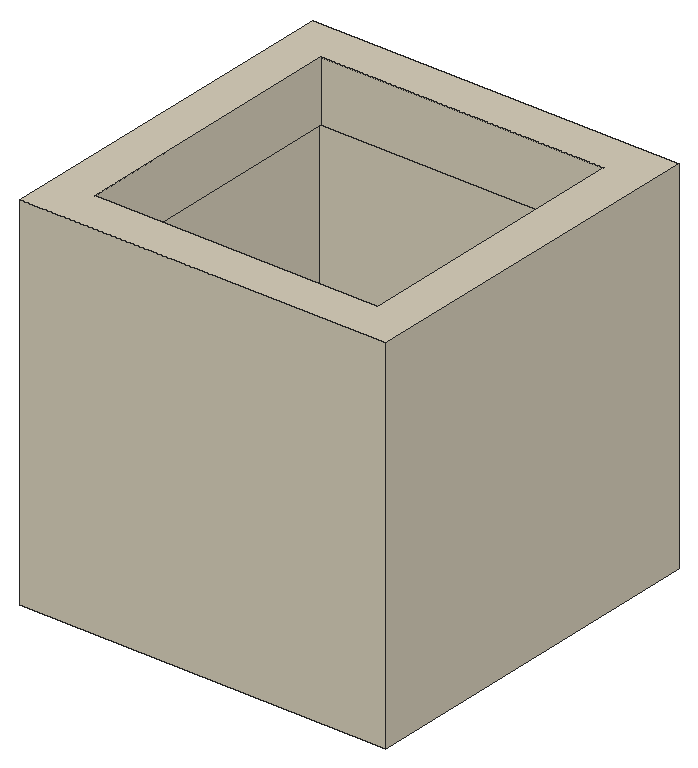
Revit family "Specialty_Equipment-Fiberstone_Planter-Planters_Unlimited-Draper-Rectangular & Square-rev", category Specialty Equipment, Revit 2023 (continued)
Types (596): name | Type Comments | Description | CD_Width | CD_Specification | CD_Product Page URL | CD_Length | CD_Height | CD_Divider Visibility
  60"L x 18"W x 18"H | "Rectangular Planter" | "Draper Rectangular Planter" | 18.0" | "https://www.plantersunlimited.com/content/2024-07-10-fg-pu-guide-specifications.pdf" | "https://www.plantersunlimited.com/modern-fiberglass-round-planter/" | 60.0" | 18.0" | yes
  60"L x 18"W x 24"H | "Rectangular Planter" | "Draper Rectangular Planter" | 18.0" | "https://www.plantersunlimited.com/content/2024-07-10-fg-pu-guide-specifications.pdf" | "https://www.plantersunlimited.com/modern-fiberglass-round-planter/" | 60.0" | 24.0" | yes
  60"L x 18"W x 30"H | "Rectangular Planter" | "Draper Rectangular Planter" | 18.0" | "https://www.plantersunlimited.com/content/2024-07-10-fg-pu-guide-specifications.pdf" | "https://www.plantersunlimited.com/modern-fiberglass-round-planter/" | 60.0" | 30.0" | yes
  60"L x 18"W x 36"H | "Rectangular Planter" | "Draper Rectangular Planter" | 18.0" | "https://www.plantersunlimited.com/content/2024-07-10-fg-pu-guide-specifications.pdf" | "https://www.plantersunlimited.com/modern-fiberglass-round-planter/" | 60.0" | 36.0" | yes
  60"L x 18"W x 42"H | "Rectangular Planter" | "Draper Rectangular Planter" | 18.0" | "https://www.plantersunlimited.com/content/2024-07-10-fg-pu-guide-specifications.pdf" | "https://www.plantersunlimited.com/modern-fiberglass-round-planter/" | 60.0" | 42.0" | yes
  60"L x 18"W x 48"H | "Rectangular Planter" | "Draper Rectangular Planter" | 18.0" | "https://www.plantersunlimited.com/content/2024-07-10-fg-pu-guide-specifications.pdf" | "https://www.plantersunlimited.com/modern-fiberglass-round-planter/" | 60.0" | 48.0" | yes
  60"L x 24"W x 18"H | "Rectangular Planter" | "Draper Rectangular Planter" | 24.0" | "https://www.plantersunlimited.com/content/2024-07-10-fg-pu-guide-specifications.pdf" | "https://www.plantersunlimited.com/modern-fiberglass-round-planter/" | 60.0" | 18.0" | yes
  60"L x 24"W x 24"H | "Rectangular Planter" | "Draper Rectangular Planter" | 24.0" | "https://www.plantersunlimited.com/content/2024-07-10-fg-pu-guide-specifications.pdf" | "https://www.plantersunlimited.com/modern-fiberglass-round-planter/" | 60.0" | 24.0" | yes
  60"L x 24"W x 30"H | "Rectangular Planter" | "Draper Rectangular Planter" | 24.0" | "https://www.plantersunlimited.com/content/2024-07-10-fg-pu-guide-specifications.pdf" | "https://www.plantersunlimited.com/modern-fiberglass-round-planter/" | 60.0" | 30.0" | yes
  60"L x 24"W x 36"H | "Rectangular Planter" | "Draper Rectangular Planter" | 24.0" | "https://www.plantersunlimited.com/content/2024-07-10-fg-pu-guide-specifications.pdf" | "https://www.plantersunlimited.com/modern-fiberglass-round-planter/" | 60.0" | 36.0" | yes
  60"L x 24"W x 42"H | "Rectangular Planter" | "Draper Rectangular Planter" | 24.0" | "https://www.plantersunlimited.com/content/2024-07-10-fg-pu-guide-specifications.pdf" | "https://www.plantersunlimited.com/modern-fiberglass-round-planter/" | 60.0" | 42.0" | yes
  60"L x 24"W x 48"H | "Rectangular Planter" | "Draper Rectangular Planter" | 24.0" | "https://www.plantersunlimited.com/content/2024-07-10-fg-pu-guide-specifications.pdf" | "https://www.plantersunlimited.com/modern-fiberglass-round-planter/" | 60.0" | 48.0" | yes
  60"L x 30"W x 18"H | "Rectangular Planter" | "Draper Rectangular Planter" | 30.0" | "https://www.plantersunlimited.com/content/2024-07-10-fg-pu-guide-specifications.pdf" | "https://www.plantersunlimited.com/modern-fiberglass-round-planter/" | 60.0" | 18.0" | yes
  60"L x 30"W x 24"H | "Rectangular Planter" | "Draper Rectangular Planter" | 30.0" | "https://www.plantersunlimited.com/content/2024-07-10-fg-pu-guide-specifications.pdf" | "https://www.plantersunlimited.com/modern-fiberglass-round-planter/" | 60.0" | 24.0" | yes
  60"L x 30"W x 30"H | "Rectangular Planter" | "Draper Rectangular Planter" | 30.0" | "https://www.plantersunlimited.com/content/2024-07-10-fg-pu-guide-specifications.pdf" | "https://www.plantersunlimited.com/modern-fiberglass-round-planter/" | 60.0" | 30.0" | yes
  60"L x 30"W x 36"H | "Rectangular Planter" | "Draper Rectangular Planter" | 30.0" | "https://www.plantersunlimited.com/content/2024-07-10-fg-pu-guide-specifications.pdf" | "https://www.plantersunlimited.com/modern-fiberglass-round-planter/" | 60.0" | 36.0" | yes
  60"L x 30"W x 42"H | "Rectangular Planter" | "Draper Rectangular Planter" | 30.0" | "https://www.plantersunlimited.com/content/2024-07-10-fg-pu-guide-specifications.pdf" | "https://www.plantersunlimited.com/modern-fiberglass-round-planter/" | 60.0" | 42.0" | yes
  60"L x 30"W x 48"H | "Rectangular Planter" | "Draper Rectangular Planter" | 30.0" | "https://www.plantersunlimited.com/content/2024-07-10-fg-pu-guide-specifications.pdf" | "https://www.plantersunlimited.com/modern-fiberglass-round-planter/" | 60.0" | 48.0" | yes
  60"L x 36"W x 18"H | "Rectangular Planter" | "Draper Rectangular Planter" | 36.0" | "https://www.plantersunlimited.com/content/2024-07-10-fg-pu-guide-specifications.pdf" | "https://www.plantersunlimited.com/modern-fiberglass-round-planter/" | 60.0" | 18.0" | yes
  60"L x 36"W x 24"H | "Rectangular Planter" | "Draper Rectangular Planter" | 36.0" | "https://www.plantersunlimited.com/content/2024-07-10-fg-pu-guide-specifications.pdf" | "https://www.plantersunlimited.com/modern-fiberglass-round-planter/" | 60.0" | 24.0" | yes
  60"L x 36"W x 30"H | "Rectangular Planter" | "Draper Rectangular Planter" | 36.0" | "https://www.plantersunlimited.com/content/2024-07-10-fg-pu-guide-specifications.pdf" | "https://www.plantersunlimited.com/modern-fiberglass-round-planter/" | 60.0" | 30.0" | yes
  60"L x 36"W x 36"H | "Rectangular Planter" | "Draper Rectangular Planter" | 36.0" | "https://www.plantersunlimited.com/content/2024-07-10-fg-pu-guide-specifications.pdf" | "https://www.plantersunlimited.com/modern-fiberglass-round-planter/" | 60.0" | 36.0" | yes
  60"L x 36"W x 42"H | "Rectangular Planter" | "Draper Rectangular Planter" | 36.0" | "https://www.plantersunlimited.com/content/2024-07-10-fg-pu-guide-specifications.pdf" | "https://www.plantersunlimited.com/modern-fiberglass-round-planter/" | 60.0" | 42.0" | yes
  60"L x 36"W x 48"H | "Rectangular Planter" | "Draper Rectangular Planter" | 36.0" | "https://www.plantersunlimited.com/content/2024-07-10-fg-pu-guide-specifications.pdf" | "https://www.plantersunlimited.com/modern-fiberglass-round-planter/" | 60.0" | 48.0" | yes
  60"L x 42"W x 18"H | "Rectangular Planter" | "Draper Rectangular Planter" | 42.0" | "https://www.plantersunlimited.com/content/2024-07-10-fg-pu-guide-specifications.pdf" | "https://www.plantersunlimited.com/modern-fiberglass-round-planter/" | 60.0" | 18.0" | yes
  60"L x 42"W x 24"H | "Rectangular Planter" | "Draper Rectangular Planter" | 42.0" | "https://www.plantersunlimited.com/content/2024-07-10-fg-pu-guide-specifications.pdf" | "https://www.plantersunlimited.com/modern-fiberglass-round-planter/" | 60.0" | 24.0" | yes
  60"L x 42"W x 30"H | "Rectangular Planter" | "Draper Rectangular Planter" | 42.0" | "https://www.plantersunlimited.com/content/2024-07-10-fg-pu-guide-specifications.pdf" | "https://www.plantersunlimited.com/modern-fiberglass-round-planter/" | 60.0" | 30.0" | yes
  60"L x 42"W x 36"H | "Rectangular Planter" | "Draper Rectangular Planter" | 42.0" | "https://www.plantersunlimited.com/content/2024-07-10-fg-pu-guide-specifications.pdf" | "https://www.plantersunlimited.com/modern-fiberglass-round-planter/" | 60.0" | 36.0" | yes
  60"L x 42"W x 42"H | "Rectangular Planter" | "Draper Rectangular Planter" | 42.0" | "https://www.plantersunlimited.com/content/2024-07-10-fg-pu-guide-specifications.pdf" | "https://www.plantersunlimited.com/modern-fiberglass-round-planter/" | 60.0" | 42.0" | yes
  60"L x 42"W x 48"H | "Rectangular Planter" | "Draper Rectangular Planter" | 42.0" | "https://www.plantersunlimited.com/content/2024-07-10-fg-pu-guide-specifications.pdf" | "https://www.plantersunlimited.com/modern-fiberglass-round-planter/" | 60.0" | 48.0" | yes
  66"L x 12"W x 18"H | "Rectangular Planter" | "Draper Rectangular Planter" | 12.0" | "https://www.plantersunlimited.com/content/2024-07-10-fg-pu-guide-specifications.pdf" | "https://www.plantersunlimited.com/modern-fiberglass-round-planter/" | 66.0" | 18.0" | yes
  66"L x 12"W x 24"H | "Rectangular Planter" | "Draper Rectangular Planter" | 12.0" | "https://www.plantersunlimited.com/content/2024-07-10-fg-pu-guide-specifications.pdf" | "https://www.plantersunlimited.com/modern-fiberglass-round-planter/" | 66.0" | 24.0" | yes
  66"L x 12"W x 30"H | "Rectangular Planter" | "Draper Rectangular Planter" | 12.0" | "https://www.plantersunlimited.com/content/2024-07-10-fg-pu-guide-specifications.pdf" | "https://www.plantersunlimited.com/modern-fiberglass-round-planter/" | 66.0" | 30.0" | yes
  66"L x 12"W x 36"H | "Rectangular Planter" | "Draper Rectangular Planter" | 12.0" | "https://www.plantersunlimited.com/content/2024-07-10-fg-pu-guide-specifications.pdf" | "https://www.plantersunlimited.com/modern-fiberglass-round-planter/" | 66.0" | 36.0" | yes
  66"L x 15"W x 18"H | "Rectangular Planter" | "Draper Rectangular Planter" | 15.0" | "https://www.plantersunlimited.com/content/2024-07-10-fg-pu-guide-specifications.pdf" | "https://www.plantersunlimited.com/modern-fiberglass-round-planter/" | 66.0" | 18.0" | yes
  66"L x 15"W x 24"H | "Rectangular Planter" | "Draper Rectangular Planter" | 15.0" | "https://www.plantersunlimited.com/content/2024-07-10-fg-pu-guide-specifications.pdf" | "https://www.plantersunlimited.com/modern-fiberglass-round-planter/" | 66.0" | 24.0" | yes
  66"L x 15"W x 30"H | "Rectangular Planter" | "Draper Rectangular Planter" | 15.0" | "https://www.plantersunlimited.com/content/2024-07-10-fg-pu-guide-specifications.pdf" | "https://www.plantersunlimited.com/modern-fiberglass-round-planter/" | 66.0" | 30.0" | yes
  66"L x 15"W x 36"H | "Rectangular Planter" | "Draper Rectangular Planter" | 15.0" | "https://www.plantersunlimited.com/content/2024-07-10-fg-pu-guide-specifications.pdf" | "https://www.plantersunlimited.com/modern-fiberglass-round-planter/" | 66.0" | 36.0" | yes
  66"L x 15"W x 42"H | "Rectangular Planter" | "Draper Rectangular Planter" | 15.0" | "https://www.plantersunlimited.com/content/2024-07-10-fg-pu-guide-specifications.pdf" | "https://www.plantersunlimited.com/modern-fiberglass-round-planter/" | 66.0" | 42.0" | yes
  66"L x 15"W x 48"H | "Rectangular Planter" | "Draper Rectangular Planter" | 15.0" | "https://www.plantersunlimited.com/content/2024-07-10-fg-pu-guide-specifications.pdf" | "https://www.plantersunlimited.com/modern-fiberglass-round-planter/" | 66.0" | 48.0" | yes
  66"L x 18"W x 18"H | "Rectangular Planter" | "Draper Rectangular Planter" | 18.0" | "https://www.plantersunlimited.com/content/2024-07-10-fg-pu-guide-specifications.pdf" | "https://www.plantersunlimited.com/modern-fiberglass-round-planter/" | 66.0" | 18.0" | yes
  66"L x 18"W x 24"H | "Rectangular Planter" | "Draper Rectangular Planter" | 18.0" | "https://www.plantersunlimited.com/content/2024-07-10-fg-pu-guide-specifications.pdf" | "https://www.plantersunlimited.com/modern-fiberglass-round-planter/" | 66.0" | 24.0" | yes
  66"L x 18"W x 30"H | "Rectangular Planter" | "Draper Rectangular Planter" | 18.0" | "https://www.plantersunlimited.com/content/2024-07-10-fg-pu-guide-specifications.pdf" | "https://www.plantersunlimited.com/modern-fiberglass-round-planter/" | 66.0" | 30.0" | yes
  66"L x 18"W x 36"H | "Rectangular Planter" | "Draper Rectangular Planter" | 18.0" | "https://www.plantersunlimited.com/content/2024-07-10-fg-pu-guide-specifications.pdf" | "https://www.plantersunlimited.com/modern-fiberglass-round-planter/" | 66.0" | 36.0" | yes
  66"L x 18"W x 42"H | "Rectangular Planter" | "Draper Rectangular Planter" | 18.0" | "https://www.plantersunlimited.com/content/2024-07-10-fg-pu-guide-specifications.pdf" | "https://www.plantersunlimited.com/modern-fiberglass-round-planter/" | 66.0" | 42.0" | yes
  66"L x 18"W x 48"H | "Rectangular Planter" | "Draper Rectangular Planter" | 18.0" | "https://www.plantersunlimited.com/content/2024-07-10-fg-pu-guide-specifications.pdf" | "https://www.plantersunlimited.com/modern-fiberglass-round-planter/" | 66.0" | 48.0" | yes
  66"L x 24"W x 18"H | "Rectangular Planter" | "Draper Rectangular Planter" | 24.0" | "https://www.plantersunlimited.com/content/2024-07-10-fg-pu-guide-specifications.pdf" | "https://www.plantersunlimited.com/modern-fiberglass-round-planter/" | 66.0" | 18.0" | yes
  66"L x 24"W x 24"H | "Rectangular Planter" | "Draper Rectangular Planter" | 24.0" | "https://www.plantersunlimited.com/content/2024-07-10-fg-pu-guide-specifications.pdf" | "https://www.plantersunlimited.com/modern-fiberglass-round-planter/" | 66.0" | 24.0" | yes
  66"L x 24"W x 30"H | "Rectangular Planter" | "Draper Rectangular Planter" | 24.0" | "https://www.plantersunlimited.com/content/2024-07-10-fg-pu-guide-specifications.pdf" | "https://www.plantersunlimited.com/modern-fiberglass-round-planter/" | 66.0" | 30.0" | yes
  66"L x 24"W x 36"H | "Rectangular Planter" | "Draper Rectangular Planter" | 24.0" | "https://www.plantersunlimited.com/content/2024-07-10-fg-pu-guide-specifications.pdf" | "https://www.plantersunlimited.com/modern-fiberglass-round-planter/" | 66.0" | 36.0" | yes
  66"L x 24"W x 42"H | "Rectangular Planter" | "Draper Rectangular Planter" | 24.0" | "https://www.plantersunlimited.com/content/2024-07-10-fg-pu-guide-specifications.pdf" | "https://www.plantersunlimited.com/modern-fiberglass-round-planter/" | 66.0" | 42.0" | yes
  66"L x 24"W x 48"H | "Rectangular Planter" | "Draper Rectangular Planter" | 24.0" | "https://www.plantersunlimited.com/content/2024-07-10-fg-pu-guide-specifications.pdf" | "https://www.plantersunlimited.com/modern-fiberglass-round-planter/" | 66.0" | 48.0" | yes
  66"L x 30"W x 18"H | "Rectangular Planter" | "Draper Rectangular Planter" | 30.0" | "https://www.plantersunlimited.com/content/2024-07-10-fg-pu-guide-specifications.pdf" | "https://www.plantersunlimited.com/modern-fiberglass-round-planter/" | 66.0" | 18.0" | yes
  66"L x 30"W x 24"H | "Rectangular Planter" | "Draper Rectangular Planter" | 30.0" | "https://www.plantersunlimited.com/content/2024-07-10-fg-pu-guide-specifications.pdf" | "https://www.plantersunlimited.com/modern-fiberglass-round-planter/" | 66.0" | 24.0" | yes
  66"L x 30"W x 30"H | "Rectangular Planter" | "Draper Rectangular Planter" | 30.0" | "https://www.plantersunlimited.com/content/2024-07-10-fg-pu-guide-specifications.pdf" | "https://www.plantersunlimited.com/modern-fiberglass-round-planter/" | 66.0" | 30.0" | yes
  66"L x 30"W x 36"H | "Rectangular Planter" | "Draper Rectangular Planter" | 30.0" | "https://www.plantersunlimited.com/content/2024-07-10-fg-pu-guide-specifications.pdf" | "https://www.plantersunlimited.com/modern-fiberglass-round-planter/" | 66.0" | 36.0" | yes
  66"L x 30"W x 42"H | "Rectangular Planter" | "Draper Rectangular Planter" | 30.0" | "https://www.plantersunlimited.com/content/2024-07-10-fg-pu-guide-specifications.pdf" | "https://www.plantersunlimited.com/modern-fiberglass-round-planter/" | 66.0" | 42.0" | yes
  66"L x 30"W x 48"H | "Rectangular Planter" | "Draper Rectangular Planter" | 30.0" | "https://www.plantersunlimited.com/content/2024-07-10-fg-pu-guide-specifications.pdf" | "https://www.plantersunlimited.com/modern-fiberglass-round-planter/" | 66.0" | 48.0" | yes
  66"L x 36"W x 18"H | "Rectangular Planter" | "Draper Rectangular Planter" | 36.0" | "https://www.plantersunlimited.com/content/2024-07-10-fg-pu-guide-specifications.pdf" | "https://www.plantersunlimited.com/modern-fiberglass-round-planter/" | 66.0" | 18.0" | yes
  66"L x 36"W x 24"H | "Rectangular Planter" | "Draper Rectangular Planter" | 36.0" | "https://www.plantersunlimited.com/content/2024-07-10-fg-pu-guide-specifications.pdf" | "https://www.plantersunlimited.com/modern-fiberglass-round-planter/" | 66.0" | 24.0" | yes
  66"L x 36"W x 30"H | "Rectangular Planter" | "Draper Rectangular Planter" | 36.0" | "https://www.plantersunlimited.com/content/2024-07-10-fg-pu-guide-specifications.pdf" | "https://www.plantersunlimited.com/modern-fiberglass-round-planter/" | 66.0" | 30.0" | yes
  66"L x 36"W x 36"H | "Rectangular Planter" | "Draper Rectangular Planter" | 36.0" | "https://www.plantersunlimited.com/content/2024-07-10-fg-pu-guide-specifications.pdf" | "https://www.plantersunlimited.com/modern-fiberglass-round-planter/" | 66.0" | 36.0" | yes
  66"L x 36"W x 42"H | "Rectangular Planter" | "Draper Rectangular Planter" | 36.0" | "https://www.plantersunlimited.com/content/2024-07-10-fg-pu-guide-specifications.pdf" | "https://www.plantersunlimited.com/modern-fiberglass-round-planter/" | 66.0" | 42.0" | yes
  66"L x 36"W x 48"H | "Rectangular Planter" | "Draper Rectangular Planter" | 36.0" | "https://www.plantersunlimited.com/content/2024-07-10-fg-pu-guide-specifications.pdf" | "https://www.plantersunlimited.com/modern-fiberglass-round-planter/" | 66.0" | 48.0" | yes
  66"L x 42"W x 18"H | "Rectangular Planter" | "Draper Rectangular Planter" | 42.0" | "https://www.plantersunlimited.com/content/2024-07-10-fg-pu-guide-specifications.pdf" | "https://www.plantersunlimited.com/modern-fiberglass-round-planter/" | 66.0" | 18.0" | yes
  66"L x 42"W x 24"H | "Rectangular Planter" | "Draper Rectangular Planter" | 42.0" | "https://www.plantersunlimited.com/content/2024-07-10-fg-pu-guide-specifications.pdf" | "https://www.plantersunlimited.com/modern-fiberglass-round-planter/" | 66.0" | 24.0" | yes
  66"L x 42"W x 30"H | "Rectangular Planter" | "Draper Rectangular Planter" | 42.0" | "https://www.plantersunlimited.com/content/2024-07-10-fg-pu-guide-specifications.pdf" | "https://www.plantersunlimited.com/modern-fiberglass-round-planter/" | 66.0" | 30.0" | yes
  66"L x 42"W x 36"H | "Rectangular Planter" | "Draper Rectangular Planter" | 42.0" | "https://www.plantersunlimited.com/content/2024-07-10-fg-pu-guide-specifications.pdf" | "https://www.plantersunlimited.com/modern-fiberglass-round-planter/" | 66.0" | 36.0" | yes
  66"L x 42"W x 42"H | "Rectangular Planter" | "Draper Rectangular Planter" | 42.0" | "https://www.plantersunlimited.com/content/2024-07-10-fg-pu-guide-specifications.pdf" | "https://www.plantersunlimited.com/modern-fiberglass-round-planter/" | 66.0" | 42.0" | yes
  66"L x 42"W x 48"H | "Rectangular Planter" | "Draper Rectangular Planter" | 42.0" | "https://www.plantersunlimited.com/content/2024-07-10-fg-pu-guide-specifications.pdf" | "https://www.plantersunlimited.com/modern-fiberglass-round-planter/" | 66.0" | 48.0" | yes
  72"L x 12"W x 18"H | "Rectangular Planter" | "Draper Rectangular Planter" | 12.0" | "https://www.plantersunlimited.com/content/2024-07-10-fg-pu-guide-specifications.pdf" | "https://www.plantersunlimited.com/modern-fiberglass-round-planter/" | 72.0" | 18.0" | yes
  72"L x 12"W x 24"H | "Rectangular Planter" | "Draper Rectangular Planter" | 12.0" | "https://www.plantersunlimited.com/content/2024-07-10-fg-pu-guide-specifications.pdf" | "https://www.plantersunlimited.com/modern-fiberglass-round-planter/" | 72.0" | 24.0" | yes
  72"L x 12"W x 30"H | "Rectangular Planter" | "Draper Rectangular Planter" | 12.0" | "https://www.plantersunlimited.com/content/2024-07-10-fg-pu-guide-specifications.pdf" | "https://www.plantersunlimited.com/modern-fiberglass-round-planter/" | 72.0" | 30.0" | yes
  72"L x 12"W x 36"H | "Rectangular Planter" | "Draper Rectangular Planter" | 12.0" | "https://www.plantersunlimited.com/content/2024-07-10-fg-pu-guide-specifications.pdf" | "https://www.plantersunlimited.com/modern-fiberglass-round-planter/" | 72.0" | 36.0" | yes
  72"L x 15"W x 18"H | "Rectangular Planter" | "Draper Rectangular Planter" | 15.0" | "https://www.plantersunlimited.com/content/2024-07-10-fg-pu-guide-specifications.pdf" | "https://www.plantersunlimited.com/modern-fiberglass-round-planter/" | 72.0" | 18.0" | yes
  72"L x 15"W x 24"H | "Rectangular Planter" | "Draper Rectangular Planter" | 15.0" | "https://www.plantersunlimited.com/content/2024-07-10-fg-pu-guide-specifications.pdf" | "https://www.plantersunlimited.com/modern-fiberglass-round-planter/" | 72.0" | 24.0" | yes
  72"L x 15"W x 30"H | "Rectangular Planter" | "Draper Rectangular Planter" | 15.0" | "https://www.plantersunlimited.com/content/2024-07-10-fg-pu-guide-specifications.pdf" | "https://www.plantersunlimited.com/modern-fiberglass-round-planter/" | 72.0" | 30.0" | yes
  72"L x 15"W x 36"H | "Rectangular Planter" | "Draper Rectangular Planter" | 15.0" | "https://www.plantersunlimited.com/content/2024-07-10-fg-pu-guide-specifications.pdf" | "https://www.plantersunlimited.com/modern-fiberglass-round-planter/" | 72.0" | 36.0" | yes
  72"L x 15"W x 42"H | "Rectangular Planter" | "Draper Rectangular Planter" | 15.0" | "https://www.plantersunlimited.com/content/2024-07-10-fg-pu-guide-specifications.pdf" | "https://www.plantersunlimited.com/modern-fiberglass-round-planter/" | 72.0" | 42.0" | yes
  72"L x 15"W x 48"H | "Rectangular Planter" | "Draper Rectangular Planter" | 15.0" | "https://www.plantersunlimited.com/content/2024-07-10-fg-pu-guide-specifications.pdf" | "https://www.plantersunlimited.com/modern-fiberglass-round-planter/" | 72.0" | 48.0" | yes
  72"L x 18"W x 18"H | "Rectangular Planter" | "Draper Rectangular Planter" | 18.0" | "https://www.plantersunlimited.com/content/2024-07-10-fg-pu-guide-specifications.pdf" | "https://www.plantersunlimited.com/modern-fiberglass-round-planter/" | 72.0" | 18.0" | yes
  72"L x 18"W x 24"H | "Rectangular Planter" | "Draper Rectangular Planter" | 18.0" | "https://www.plantersunlimited.com/content/2024-07-10-fg-pu-guide-specifications.pdf" | "https://www.plantersunlimited.com/modern-fiberglass-round-planter/" | 72.0" | 24.0" | yes
  72"L x 18"W x 30"H | "Rectangular Planter" | "Draper Rectangular Planter" | 18.0" | "https://www.plantersunlimited.com/content/2024-07-10-fg-pu-guide-specifications.pdf" | "https://www.plantersunlimited.com/modern-fiberglass-round-planter/" | 72.0" | 30.0" | yes
  72"L x 18"W x 36"H | "Rectangular Planter" | "Draper Rectangular Planter" | 18.0" | "https://www.plantersunlimited.com/content/2024-07-10-fg-pu-guide-specifications.pdf" | "https://www.plantersunlimited.com/modern-fiberglass-round-planter/" | 72.0" | 36.0" | yes
  72"L x 18"W x 42"H | "Rectangular Planter" | "Draper Rectangular Planter" | 18.0" | "https://www.plantersunlimited.com/content/2024-07-10-fg-pu-guide-specifications.pdf" | "https://www.plantersunlimited.com/modern-fiberglass-round-planter/" | 72.0" | 42.0" | yes
  72"L x 18"W x 48"H | "Rectangular Planter" | "Draper Rectangular Planter" | 18.0" | "https://www.plantersunlimited.com/content/2024-07-10-fg-pu-guide-specifications.pdf" | "https://www.plantersunlimited.com/modern-fiberglass-round-planter/" | 72.0" | 48.0" | yes
  72"L x 24"W x 18"H | "Rectangular Planter" | "Draper Rectangular Planter" | 24.0" | "https://www.plantersunlimited.com/content/2024-07-10-fg-pu-guide-specifications.pdf" | "https://www.plantersunlimited.com/modern-fiberglass-round-planter/" | 72.0" | 18.0" | yes
  72"L x 24"W x 24"H | "Rectangular Planter" | "Draper Rectangular Planter" | 24.0" | "https://www.plantersunlimited.com/content/2024-07-10-fg-pu-guide-specifications.pdf" | "https://www.plantersunlimited.com/modern-fiberglass-round-planter/" | 72.0" | 24.0" | yes
  72"L x 24"W x 30"H | "Rectangular Planter" | "Draper Rectangular Planter" | 24.0" | "https://www.plantersunlimited.com/content/2024-07-10-fg-pu-guide-specifications.pdf" | "https://www.plantersunlimited.com/modern-fiberglass-round-planter/" | 72.0" | 30.0" | yes
  72"L x 24"W x 36"H | "Rectangular Planter" | "Draper Rectangular Planter" | 24.0" | "https://www.plantersunlimited.com/content/2024-07-10-fg-pu-guide-specifications.pdf" | "https://www.plantersunlimited.com/modern-fiberglass-round-planter/" | 72.0" | 36.0" | yes
  72"L x 24"W x 42"H | "Rectangular Planter" | "Draper Rectangular Planter" | 24.0" | "https://www.plantersunlimited.com/content/2024-07-10-fg-pu-guide-specifications.pdf" | "https://www.plantersunlimited.com/modern-fiberglass-round-planter/" | 72.0" | 42.0" | yes
  72"L x 24"W x 48"H | "Rectangular Planter" | "Draper Rectangular Planter" | 24.0" | "https://www.plantersunlimited.com/content/2024-07-10-fg-pu-guide-specifications.pdf" | "https://www.plantersunlimited.com/modern-fiberglass-round-planter/" | 72.0" | 48.0" | yes
  72"L x 30"W x 18"H | "Rectangular Planter" | "Draper Rectangular Planter" | 30.0" | "https://www.plantersunlimited.com/content/2024-07-10-fg-pu-guide-specifications.pdf" | "https://www.plantersunlimited.com/modern-fiberglass-round-planter/" | 72.0" | 18.0" | yes
  72"L x 30"W x 24"H | "Rectangular Planter" | "Draper Rectangular Planter" | 30.0" | "https://www.plantersunlimited.com/content/2024-07-10-fg-pu-guide-specifications.pdf" | "https://www.plantersunlimited.com/modern-fiberglass-round-planter/" | 72.0" | 24.0" | yes
  72"L x 30"W x 30"H | "Rectangular Planter" | "Draper Rectangular Planter" | 30.0" | "https://www.plantersunlimited.com/content/2024-07-10-fg-pu-guide-specifications.pdf" | "https://www.plantersunlimited.com/modern-fiberglass-round-planter/" | 72.0" | 30.0" | yes
  72"L x 30"W x 36"H | "Rectangular Planter" | "Draper Rectangular Planter" | 30.0" | "https://www.plantersunlimited.com/content/2024-07-10-fg-pu-guide-specifications.pdf" | "https://www.plantersunlimited.com/modern-fiberglass-round-planter/" | 72.0" | 36.0" | yes
  72"L x 30"W x 42"H | "Rectangular Planter" | "Draper Rectangular Planter" | 30.0" | "https://www.plantersunlimited.com/content/2024-07-10-fg-pu-guide-specifications.pdf" | "https://www.plantersunlimited.com/modern-fiberglass-round-planter/" | 72.0" | 42.0" | yes
  72"L x 30"W x 48"H | "Rectangular Planter" | "Draper Rectangular Planter" | 30.0" | "https://www.plantersunlimited.com/content/2024-07-10-fg-pu-guide-specifications.pdf" | "https://www.plantersunlimited.com/modern-fiberglass-round-planter/" | 72.0" | 48.0" | yes
  72"L x 36"W x 18"H | "Rectangular Planter" | "Draper Rectangular Planter" | 36.0" | "https://www.plantersunlimited.com/content/2024-07-10-fg-pu-guide-specifications.pdf" | "https://www.plantersunlimited.com/modern-fiberglass-round-planter/" | 72.0" | 18.0" | yes
  72"L x 36"W x 24"H | "Rectangular Planter" | "Draper Rectangular Planter" | 36.0" | "https://www.plantersunlimited.com/content/2024-07-10-fg-pu-guide-specifications.pdf" | "https://www.plantersunlimited.com/modern-fiberglass-round-planter/" | 72.0" | 24.0" | yes
  72"L x 36"W x 30"H | "Rectangular Planter" | "Draper Rectangular Planter" | 36.0" | "https://www.plantersunlimited.com/content/2024-07-10-fg-pu-guide-specifications.pdf" | "https://www.plantersunlimited.com/modern-fiberglass-round-planter/" | 72.0" | 30.0" | yes
  72"L x 36"W x 36"H | "Rectangular Planter" | "Draper Rectangular Planter" | 36.0" | "https://www.plantersunlimited.com/content/2024-07-10-fg-pu-guide-specifications.pdf" | "https://www.plantersunlimited.com/modern-fiberglass-round-planter/" | 72.0" | 36.0" | yes
  72"L x 36"W x 42"H | "Rectangular Planter" | "Draper Rectangular Planter" | 36.0" | "https://www.plantersunlimited.com/content/2024-07-10-fg-pu-guide-specifications.pdf" | "https://www.plantersunlimited.com/modern-fiberglass-round-planter/" | 72.0" | 42.0" | yes
  72"L x 36"W x 48"H | "Rectangular Planter" | "Draper Rectangular Planter" | 36.0" | "https://www.plantersunlimited.com/content/2024-07-10-fg-pu-guide-specifications.pdf" | "https://www.plantersunlimited.com/modern-fiberglass-round-planter/" | 72.0" | 48.0" | yes
  72"L x 42"W x 18"H | "Rectangular Planter" | "Draper Rectangular Planter" | 42.0" | "https://www.plantersunlimited.com/content/2024-07-10-fg-pu-guide-specifications.pdf" | "https://www.plantersunlimited.com/modern-fiberglass-round-planter/" | 72.0" | 18.0" | yes
  72"L x 42"W x 24"H | "Rectangular Planter" | "Draper Rectangular Planter" | 42.0" | "https://www.plantersunlimited.com/content/2024-07-10-fg-pu-guide-specifications.pdf" | "https://www.plantersunlimited.com/modern-fiberglass-round-planter/" | 72.0" | 24.0" | yes
  72"L x 42"W x 30"H | "Rectangular Planter" | "Draper Rectangular Planter" | 42.0" | "https://www.plantersunlimited.com/content/2024-07-10-fg-pu-guide-specifications.pdf" | "https://www.plantersunlimited.com/modern-fiberglass-round-planter/" | 72.0" | 30.0" | yes
  72"L x 42"W x 36"H | "Rectangular Planter" | "Draper Rectangular Planter" | 42.0" | "https://www.plantersunlimited.com/content/2024-07-10-fg-pu-guide-specifications.pdf" | "https://www.plantersunlimited.com/modern-fiberglass-round-planter/" | 72.0" | 36.0" | yes
  72"L x 42"W x 42"H | "Rectangular Planter" | "Draper Rectangular Planter" | 42.0" | "https://www.plantersunlimited.com/content/2024-07-10-fg-pu-guide-specifications.pdf" | "https://www.plantersunlimited.com/modern-fiberglass-round-planter/" | 72.0" | 42.0" | yes
  72"L x 42"W x 48"H | "Rectangular Planter" | "Draper Rectangular Planter" | 42.0" | "https://www.plantersunlimited.com/content/2024-07-10-fg-pu-guide-specifications.pdf" | "https://www.plantersunlimited.com/modern-fiberglass-round-planter/" | 72.0" | 48.0" | yes
  78"L x 12"W x 18"H | "Rectangular Planter" | "Draper Rectangular Planter" | 12.0" | "https://www.plantersunlimited.com/content/2024-07-10-fg-pu-guide-specifications.pdf" | "https://www.plantersunlimited.com/modern-fiberglass-round-planter/" | 78.0" | 18.0" | yes
  78"L x 12"W x 24"H | "Rectangular Planter" | "Draper Rectangular Planter" | 12.0" | "https://www.plantersunlimited.com/content/2024-07-10-fg-pu-guide-specifications.pdf" | "https://www.plantersunlimited.com/modern-fiberglass-round-planter/" | 78.0" | 24.0" | yes
  78"L x 12"W x 30"H | "Rectangular Planter" | "Draper Rectangular Planter" | 12.0" | "https://www.plantersunlimited.com/content/2024-07-10-fg-pu-guide-specifications.pdf" | "https://www.plantersunlimited.com/modern-fiberglass-round-planter/" | 78.0" | 30.0" | yes
  78"L x 12"W x 36"H | "Rectangular Planter" | "Draper Rectangular Planter" | 12.0" | "https://www.plantersunlimited.com/content/2024-07-10-fg-pu-guide-specifications.pdf" | "https://www.plantersunlimited.com/modern-fiberglass-round-planter/" | 78.0" | 36.0" | yes
  78"L x 15"W x 18"H | "Rectangular Planter" | "Draper Rectangular Planter" | 15.0" | "https://www.plantersunlimited.com/content/2024-07-10-fg-pu-guide-specifications.pdf" | "https://www.plantersunlimited.com/modern-fiberglass-round-planter/" | 78.0" | 18.0" | yes
  78"L x 15"W x 24"H | "Rectangular Planter" | "Draper Rectangular Planter" | 15.0" | "https://www.plantersunlimited.com/content/2024-07-10-fg-pu-guide-specifications.pdf" | "https://www.plantersunlimited.com/modern-fiberglass-round-planter/" | 78.0" | 24.0" | yes
  78"L x 15"W x 30"H | "Rectangular Planter" | "Draper Rectangular Planter" | 15.0" | "https://www.plantersunlimited.com/content/2024-07-10-fg-pu-guide-specifications.pdf" | "https://www.plantersunlimited.com/modern-fiberglass-round-planter/" | 78.0" | 30.0" | yes
  78"L x 15"W x 36"H | "Rectangular Planter" | "Draper Rectangular Planter" | 15.0" | "https://www.plantersunlimited.com/content/2024-07-10-fg-pu-guide-specifications.pdf" | "https://www.plantersunlimited.com/modern-fiberglass-round-planter/" | 78.0" | 36.0" | yes
  78"L x 15"W x 42"H | "Rectangular Planter" | "Draper Rectangular Planter" | 15.0" | "https://www.plantersunlimited.com/content/2024-07-10-fg-pu-guide-specifications.pdf" | "https://www.plantersunlimited.com/modern-fiberglass-round-planter/" | 78.0" | 42.0" | yes
  78"L x 15"W x 48"H | "Rectangular Planter" | "Draper Rectangular Planter" | 15.0" | "https://www.plantersunlimited.com/content/2024-07-10-fg-pu-guide-specifications.pdf" | "https://www.plantersunlimited.com/modern-fiberglass-round-planter/" | 78.0" | 48.0" | yes
  78"L x 18"W x 18"H | "Rectangular Planter" | "Draper Rectangular Planter" | 18.0" | "https://www.plantersunlimited.com/content/2024-07-10-fg-pu-guide-specifications.pdf" | "https://www.plantersunlimited.com/modern-fiberglass-round-planter/" | 78.0" | 18.0" | yes
  78"L x 18"W x 24"H | "Rectangular Planter" | "Draper Rectangular Planter" | 18.0" | "https://www.plantersunlimited.com/content/2024-07-10-fg-pu-guide-specifications.pdf" | "https://www.plantersunlimited.com/modern-fiberglass-round-planter/" | 78.0" | 24.0" | yes
  78"L x 18"W x 30"H | "Rectangular Planter" | "Draper Rectangular Planter" | 18.0" | "https://www.plantersunlimited.com/content/2024-07-10-fg-pu-guide-specifications.pdf" | "https://www.plantersunlimited.com/modern-fiberglass-round-planter/" | 78.0" | 30.0" | yes
  78"L x 18"W x 36"H | "Rectangular Planter" | "Draper Rectangular Planter" | 18.0" | "https://www.plantersunlimited.com/content/2024-07-10-fg-pu-guide-specifications.pdf" | "https://www.plantersunlimited.com/modern-fiberglass-round-planter/" | 78.0" | 36.0" | yes
  78"L x 18"W x 42"H | "Rectangular Planter" | "Draper Rectangular Planter" | 18.0" | "https://www.plantersunlimited.com/content/2024-07-10-fg-pu-guide-specifications.pdf" | "https://www.plantersunlimited.com/modern-fiberglass-round-planter/" | 78.0" | 42.0" | yes
  78"L x 18"W x 48"H | "Rectangular Planter" | "Draper Rectangular Planter" | 18.0" | "https://www.plantersunlimited.com/content/2024-07-10-fg-pu-guide-specifications.pdf" | "https://www.plantersunlimited.com/modern-fiberglass-round-planter/" | 78.0" | 48.0" | yes
  78"L x 24"W x 18"H | "Rectangular Planter" | "Draper Rectangular Planter" | 24.0" | "https://www.plantersunlimited.com/content/2024-07-10-fg-pu-guide-specifications.pdf" | "https://www.plantersunlimited.com/modern-fiberglass-round-planter/" | 78.0" | 18.0" | yes
  78"L x 24"W x 24"H | "Rectangular Planter" | "Draper Rectangular Planter" | 24.0" | "https://www.plantersunlimited.com/content/2024-07-10-fg-pu-guide-specifications.pdf" | "https://www.plantersunlimited.com/modern-fiberglass-round-planter/" | 78.0" | 24.0" | yes
  78"L x 24"W x 30"H | "Rectangular Planter" | "Draper Rectangular Planter" | 24.0" | "https://www.plantersunlimited.com/content/2024-07-10-fg-pu-guide-specifications.pdf" | "https://www.plantersunlimited.com/modern-fiberglass-round-planter/" | 78.0" | 30.0" | yes
  78"L x 24"W x 36"H | "Rectangular Planter" | "Draper Rectangular Planter" | 24.0" | "https://www.plantersunlimited.com/content/2024-07-10-fg-pu-guide-specifications.pdf" | "https://www.plantersunlimited.com/modern-fiberglass-round-planter/" | 78.0" | 36.0" | yes
  78"L x 24"W x 42"H | "Rectangular Planter" | "Draper Rectangular Planter" | 24.0" | "https://www.plantersunlimited.com/content/2024-07-10-fg-pu-guide-specifications.pdf" | "https://www.plantersunlimited.com/modern-fiberglass-round-planter/" | 78.0" | 42.0" | yes
  78"L x 24"W x 48"H | "Rectangular Planter" | "Draper Rectangular Planter" | 24.0" | "https://www.plantersunlimited.com/content/2024-07-10-fg-pu-guide-specifications.pdf" | "https://www.plantersunlimited.com/modern-fiberglass-round-planter/" | 78.0" | 48.0" | yes
  78"L x 30"W x 18"H | "Rectangular Planter" | "Draper Rectangular Planter" | 30.0" | "https://www.plantersunlimited.com/content/2024-07-10-fg-pu-guide-specifications.pdf" | "https://www.plantersunlimited.com/modern-fiberglass-round-planter/" | 78.0" | 18.0" | yes
  78"L x 30"W x 24"H | "Rectangular Planter" | "Draper Rectangular Planter" | 30.0" | "https://www.plantersunlimited.com/content/2024-07-10-fg-pu-guide-specifications.pdf" | "https://www.plantersunlimited.com/modern-fiberglass-round-planter/" | 78.0" | 24.0" | yes
  78"L x 30"W x 30"H | "Rectangular Planter" | "Draper Rectangular Planter" | 30.0" | "https://www.plantersunlimited.com/content/2024-07-10-fg-pu-guide-specifications.pdf" | "https://www.plantersunlimited.com/modern-fiberglass-round-planter/" | 78.0" | 30.0" | yes
  78"L x 30"W x 36"H | "Rectangular Planter" | "Draper Rectangular Planter" | 30.0" | "https://www.plantersunlimited.com/content/2024-07-10-fg-pu-guide-specifications.pdf" | "https://www.plantersunlimited.com/modern-fiberglass-round-planter/" | 78.0" | 36.0" | yes
  78"L x 30"W x 42"H | "Rectangular Planter" | "Draper Rectangular Planter" | 30.0" | "https://www.plantersunlimited.com/content/2024-07-10-fg-pu-guide-specifications.pdf" | "https://www.plantersunlimited.com/modern-fiberglass-round-planter/" | 78.0" | 42.0" | yes
  78"L x 30"W x 48"H | "Rectangular Planter" | "Draper Rectangular Planter" | 30.0" | "https://www.plantersunlimited.com/content/2024-07-10-fg-pu-guide-specifications.pdf" | "https://www.plantersunlimited.com/modern-fiberglass-round-planter/" | 78.0" | 48.0" | yes
  78"L x 36"W x 18"H | "Rectangular Planter" | "Draper Rectangular Planter" | 36.0" | "https://www.plantersunlimited.com/content/2024-07-10-fg-pu-guide-specifications.pdf" | "https://www.plantersunlimited.com/modern-fiberglass-round-planter/" | 78.0" | 18.0" | yes
  78"L x 36"W x 24"H | "Rectangular Planter" | "Draper Rectangular Planter" | 36.0" | "https://www.plantersunlimited.com/content/2024-07-10-fg-pu-guide-specifications.pdf" | "https://www.plantersunlimited.com/modern-fiberglass-round-planter/" | 78.0" | 24.0" | yes
  78"L x 36"W x 30"H | "Rectangular Planter" | "Draper Rectangular Planter" | 36.0" | "https://www.plantersunlimited.com/content/2024-07-10-fg-pu-guide-specifications.pdf" | "https://www.plantersunlimited.com/modern-fiberglass-round-planter/" | 78.0" | 30.0" | yes
  78"L x 36"W x 36"H | "Rectangular Planter" | "Draper Rectangular Planter" | 36.0" | "https://www.plantersunlimited.com/content/2024-07-10-fg-pu-guide-specifications.pdf" | "https://www.plantersunlimited.com/modern-fiberglass-round-planter/" | 78.0" | 36.0" | yes
  78"L x 36"W x 42"H | "Rectangular Planter" | "Draper Rectangular Planter" | 36.0" | "https://www.plantersunlimited.com/content/2024-07-10-fg-pu-guide-specifications.pdf" | "https://www.plantersunlimited.com/modern-fiberglass-round-planter/" | 78.0" | 42.0" | yes
  78"L x 36"W x 48"H | "Rectangular Planter" | "Draper Rectangular Planter" | 36.0" | "https://www.plantersunlimited.com/content/2024-07-10-fg-pu-guide-specifications.pdf" | "https://www.plantersunlimited.com/modern-fiberglass-round-planter/" | 78.0" | 48.0" | yes
  78"L x 42"W x 18"H | "Rectangular Planter" | "Draper Rectangular Planter" | 42.0" | "https://www.plantersunlimited.com/content/2024-07-10-fg-pu-guide-specifications.pdf" | "https://www.plantersunlimited.com/modern-fiberglass-round-planter/" | 78.0" | 18.0" | yes
  78"L x 42"W x 24"H | "Rectangular Planter" | "Draper Rectangular Planter" | 42.0" | "https://www.plantersunlimited.com/content/2024-07-10-fg-pu-guide-specifications.pdf" | "https://www.plantersunlimited.com/modern-fiberglass-round-planter/" | 78.0" | 24.0" | yes
  78"L x 42"W x 30"H | "Rectangular Planter" | "Draper Rectangular Planter" | 42.0" | "https://www.plantersunlimited.com/content/2024-07-10-fg-pu-guide-specifications.pdf" | "https://www.plantersunlimited.com/modern-fiberglass-round-planter/" | 78.0" | 30.0" | yes
  78"L x 42"W x 36"H | "Rectangular Planter" | "Draper Rectangular Planter" | 42.0" | "https://www.plantersunlimited.com/content/2024-07-10-fg-pu-guide-specifications.pdf" | "https://www.plantersunlimited.com/modern-fiberglass-round-planter/" | 78.0" | 36.0" | yes
  78"L x 42"W x 42"H | "Rectangular Planter" | "Draper Rectangular Planter" | 42.0" | "https://www.plantersunlimited.com/content/2024-07-10-fg-pu-guide-specifications.pdf" | "https://www.plantersunlimited.com/modern-fiberglass-round-planter/" | 78.0" | 42.0" | yes
  78"L x 42"W x 48"H | "Rectangular Planter" | "Draper Rectangular Planter" | 42.0" | "https://www.plantersunlimited.com/content/2024-07-10-fg-pu-guide-specifications.pdf" | "https://www.plantersunlimited.com/modern-fiberglass-round-planter/" | 78.0" | 48.0" | yes
  84"L x 12"W x 18"H | "Rectangular Planter" | "Draper Rectangular Planter" | 12.0" | "https://www.plantersunlimited.com/content/2024-07-10-fg-pu-guide-specifications.pdf" | "https://www.plantersunlimited.com/modern-fiberglass-round-planter/" | 84.0" | 18.0" | yes
  84"L x 12"W x 24"H | "Rectangular Planter" | "Draper Rectangular Planter" | 12.0" | "https://www.plantersunlimited.com/content/2024-07-10-fg-pu-guide-specifications.pdf" | "https://www.plantersunlimited.com/modern-fiberglass-round-planter/" | 84.0" | 24.0" | yes
  84"L x 12"W x 30"H | "Rectangular Planter" | "Draper Rectangular Planter" | 12.0" | "https://www.plantersunlimited.com/content/2024-07-10-fg-pu-guide-specifications.pdf" | "https://www.plantersunlimited.com/modern-fiberglass-round-planter/" | 84.0" | 30.0" | yes
  84"L x 12"W x 36"H | "Rectangular Planter" | "Draper Rectangular Planter" | 12.0" | "https://www.plantersunlimited.com/content/2024-07-10-fg-pu-guide-specifications.pdf" | "https://www.plantersunlimited.com/modern-fiberglass-round-planter/" | 84.0" | 36.0" | yes
  84"L x 15"W x 18"H | "Rectangular Planter" | "Draper Rectangular Planter" | 15.0" | "https://www.plantersunlimited.com/content/2024-07-10-fg-pu-guide-specifications.pdf" | "https://www.plantersunlimited.com/modern-fiberglass-round-planter/" | 84.0" | 18.0" | yes
  84"L x 15"W x 24"H | "Rectangular Planter" | "Draper Rectangular Planter" | 15.0" | "https://www.plantersunlimited.com/content/2024-07-10-fg-pu-guide-specifications.pdf" | "https://www.plantersunlimited.com/modern-fiberglass-round-planter/" | 84.0" | 24.0" | yes
  84"L x 15"W x 30"H | "Rectangular Planter" | "Draper Rectangular Planter" | 15.0" | "https://www.plantersunlimited.com/content/2024-07-10-fg-pu-guide-specifications.pdf" | "https://www.plantersunlimited.com/modern-fiberglass-round-planter/" | 84.0" | 30.0" | yes
  84"L x 15"W x 36"H | "Rectangular Planter" | "Draper Rectangular Planter" | 15.0" | "https://www.plantersunlimited.com/content/2024-07-10-fg-pu-guide-specifications.pdf" | "https://www.plantersunlimited.com/modern-fiberglass-round-planter/" | 84.0" | 36.0" | yes
  84"L x 15"W x 42"H | "Rectangular Planter" | "Draper Rectangular Planter" | 15.0" | "https://www.plantersunlimited.com/content/2024-07-10-fg-pu-guide-specifications.pdf" | "https://www.plantersunlimited.com/modern-fiberglass-round-planter/" | 84.0" | 42.0" | yes
  84"L x 15"W x 48"H | "Rectangular Planter" | "Draper Rectangular Planter" | 15.0" | "https://www.plantersunlimited.com/content/2024-07-10-fg-pu-guide-specifications.pdf" | "https://www.plantersunlimited.com/modern-fiberglass-round-planter/" | 84.0" | 48.0" | yes
  84"L x 18"W x 18"H | "Rectangular Planter" | "Draper Rectangular Planter" | 18.0" | "https://www.plantersunlimited.com/content/2024-07-10-fg-pu-guide-specifications.pdf" | "https://www.plantersunlimited.com/modern-fiberglass-round-planter/" | 84.0" | 18.0" | yes
  84"L x 18"W x 24"H | "Rectangular Planter" | "Draper Rectangular Planter" | 18.0" | "https://www.plantersunlimited.com/content/2024-07-10-fg-pu-guide-specifications.pdf" | "https://www.plantersunlimited.com/modern-fiberglass-round-planter/" | 84.0" | 24.0" | yes
  84"L x 18"W x 30"H | "Rectangular Planter" | "Draper Rectangular Planter" | 18.0" | "https://www.plantersunlimited.com/content/2024-07-10-fg-pu-guide-specifications.pdf" | "https://www.plantersunlimited.com/modern-fiberglass-round-planter/" | 84.0" | 30.0" | yes
  84"L x 18"W x 36"H | "Rectangular Planter" | "Draper Rectangular Planter" | 18.0" | "https://www.plantersunlimited.com/content/2024-07-10-fg-pu-guide-specifications.pdf" | "https://www.plantersunlimited.com/modern-fiberglass-round-planter/" | 84.0" | 36.0" | yes
  84"L x 18"W x 42"H | "Rectangular Planter" | "Draper Rectangular Planter" | 18.0" | "https://www.plantersunlimited.com/content/2024-07-10-fg-pu-guide-specifications.pdf" | "https://www.plantersunlimited.com/modern-fiberglass-round-planter/" | 84.0" | 42.0" | yes
  84"L x 18"W x 48"H | "Rectangular Planter" | "Draper Rectangular Planter" | 18.0" | "https://www.plantersunlimited.com/content/2024-07-10-fg-pu-guide-specifications.pdf" | "https://www.plantersunlimited.com/modern-fiberglass-round-planter/" | 84.0" | 48.0" | yes
  84"L x 24"W x 18"H | "Rectangular Planter" | "Draper Rectangular Planter" | 24.0" | "https://www.plantersunlimited.com/content/2024-07-10-fg-pu-guide-specifications.pdf" | "https://www.plantersunlimited.com/modern-fiberglass-round-planter/" | 84.0" | 18.0" | yes
  84"L x 24"W x 24"H | "Rectangular Planter" | "Draper Rectangular Planter" | 24.0" | "https://www.plantersunlimited.com/content/2024-07-10-fg-pu-guide-specifications.pdf" | "https://www.plantersunlimited.com/modern-fiberglass-round-planter/" | 84.0" | 24.0" | yes
  84"L x 24"W x 30"H | "Rectangular Planter" | "Draper Rectangular Planter" | 24.0" | "https://www.plantersunlimited.com/content/2024-07-10-fg-pu-guide-specifications.pdf" | "https://www.plantersunlimited.com/modern-fiberglass-round-planter/" | 84.0" | 30.0" | yes
  84"L x 24"W x 36"H | "Rectangular Planter" | "Draper Rectangular Planter" | 24.0" | "https://www.plantersunlimited.com/content/2024-07-10-fg-pu-guide-specifications.pdf" | "https://www.plantersunlimited.com/modern-fiberglass-round-planter/" | 84.0" | 36.0" | yes
  84"L x 24"W x 42"H | "Rectangular Planter" | "Draper Rectangular Planter" | 24.0" | "https://www.plantersunlimited.com/content/2024-07-10-fg-pu-guide-specifications.pdf" | "https://www.plantersunlimited.com/modern-fiberglass-round-planter/" | 84.0" | 42.0" | yes
  84"L x 24"W x 48"H | "Rectangular Planter" | "Draper Rectangular Planter" | 24.0" | "https://www.plantersunlimited.com/content/2024-07-10-fg-pu-guide-specifications.pdf" | "https://www.plantersunlimited.com/modern-fiberglass-round-planter/" | 84.0" | 48.0" | yes
  84"L x 30"W x 18"H | "Rectangular Planter" | "Draper Rectangular Planter" | 30.0" | "https://www.plantersunlimited.com/content/2024-07-10-fg-pu-guide-specifications.pdf" | "https://www.plantersunlimited.com/modern-fiberglass-round-planter/" | 84.0" | 18.0" | yes
  84"L x 30"W x 24"H | "Rectangular Planter" | "Draper Rectangular Planter" | 30.0" | "https://www.plantersunlimited.com/content/2024-07-10-fg-pu-guide-specifications.pdf" | "https://www.plantersunlimited.com/modern-fiberglass-round-planter/" | 84.0" | 24.0" | yes
  84"L x 30"W x 30"H | "Rectangular Planter" | "Draper Rectangular Planter" | 30.0" | "https://www.plantersunlimited.com/content/2024-07-10-fg-pu-guide-specifications.pdf" | "https://www.plantersunlimited.com/modern-fiberglass-round-planter/" | 84.0" | 30.0" | yes
  84"L x 30"W x 36"H | "Rectangular Planter" | "Draper Rectangular Planter" | 30.0" | "https://www.plantersunlimited.com/content/2024-07-10-fg-pu-guide-specifications.pdf" | "https://www.plantersunlimited.com/modern-fiberglass-round-planter/" | 84.0" | 36.0" | yes
  84"L x 30"W x 42"H | "Rectangular Planter" | "Draper Rectangular Planter" | 30.0" | "https://www.plantersunlimited.com/content/2024-07-10-fg-pu-guide-specifications.pdf" | "https://www.plantersunlimited.com/modern-fiberglass-round-planter/" | 84.0" | 42.0" | yes
  84"L x 30"W x 48"H | "Rectangular Planter" | "Draper Rectangular Planter" | 30.0" | "https://www.plantersunlimited.com/content/Planters/C19-DRA-REC.pdf" | "https://www.plantersunlimited.com/draper-cast-stone-planter/" | 84.0" | 48.0" | yes
  84"L x 36"W x 18"H | "Rectangular Planter" | "Draper Rectangular Planter" | 36.0" | "https://www.plantersunlimited.com/content/2024-07-10-fg-pu-guide-specifications.pdf" | "https://www.plantersunlimited.com/modern-fiberglass-round-planter/" | 84.0" | 18.0" | yes
  84"L x 36"W x 24"H | "Rectangular Planter" | "Draper Rectangular Planter" | 36.0" | "https://www.plantersunlimited.com/content/2024-07-10-fg-pu-guide-specifications.pdf" | "https://www.plantersunlimited.com/modern-fiberglass-round-planter/" | 84.0" | 24.0" | yes
  84"L x 36"W x 30"H | "Rectangular Planter" | "Draper Rectangular Planter" | 36.0" | "https://www.plantersunlimited.com/content/2024-07-10-fg-pu-guide-specifications.pdf" | "https://www.plantersunlimited.com/modern-fiberglass-round-planter/" | 84.0" | 30.0" | yes
  84"L x 36"W x 36"H | "Rectangular Planter" | "Draper Rectangular Planter" | 36.0" | "https://www.plantersunlimited.com/content/2024-07-10-fg-pu-guide-specifications.pdf" | "https://www.plantersunlimited.com/modern-fiberglass-round-planter/" | 84.0" | 36.0" | yes
  84"L x 36"W x 42"H | "Rectangular Planter" | "Draper Rectangular Planter" | 36.0" | "https://www.plantersunlimited.com/content/2024-07-10-fg-pu-guide-specifications.pdf" | "https://www.plantersunlimited.com/modern-fiberglass-round-planter/" | 84.0" | 42.0" | yes
  84"L x 36"W x 48"H | "Rectangular Planter" | "Draper Rectangular Planter" | 36.0" | "https://www.plantersunlimited.com/content/2024-07-10-fg-pu-guide-specifications.pdf" | "https://www.plantersunlimited.com/modern-fiberglass-round-planter/" | 84.0" | 48.0" | yes
  84"L x 42"W x 18"H | "Rectangular Planter" | "Draper Rectangular Planter" | 42.0" | "https://www.plantersunlimited.com/content/2024-07-10-fg-pu-guide-specifications.pdf" | "https://www.plantersunlimited.com/modern-fiberglass-round-planter/" | 84.0" | 18.0" | yes
  84"L x 42"W x 24"H | "Rectangular Planter" | "Draper Rectangular Planter" | 42.0" | "https://www.plantersunlimited.com/content/2024-07-10-fg-pu-guide-specifications.pdf" | "https://www.plantersunlimited.com/modern-fiberglass-round-planter/" | 84.0" | 24.0" | yes
  84"L x 42"W x 30"H | "Rectangular Planter" | "Draper Rectangular Planter" | 42.0" | "https://www.plantersunlimited.com/content/2024-07-10-fg-pu-guide-specifications.pdf" | "https://www.plantersunlimited.com/modern-fiberglass-round-planter/" | 84.0" | 30.0" | yes
  84"L x 42"W x 36"H | "Rectangular Planter" | "Draper Rectangular Planter" | 42.0" | "https://www.plantersunlimited.com/content/2024-07-10-fg-pu-guide-specifications.pdf" | "https://www.plantersunlimited.com/modern-fiberglass-round-planter/" | 84.0" | 36.0" | yes
  84"L x 42"W x 42"H | "Rectangular Planter" | "Draper Rectangular Planter" | 42.0" | "https://www.plantersunlimited.com/content/2024-07-10-fg-pu-guide-specifications.pdf" | "https://www.plantersunlimited.com/modern-fiberglass-round-planter/" | 84.0" | 42.0" | yes
  84"L x 42"W x 48"H | "Rectangular Planter" | "Draper Rectangular Planter" | 42.0" | "https://www.plantersunlimited.com/content/2024-07-10-fg-pu-guide-specifications.pdf" | "https://www.plantersunlimited.com/modern-fiberglass-round-planter/" | 84.0" | 48.0" | yes
  90"L x 12"W x 18"H | "Rectangular Planter" | "Draper Rectangular Planter" | 12.0" | "https://www.plantersunlimited.com/content/2024-07-10-fg-pu-guide-specifications.pdf" | "https://www.plantersunlimited.com/modern-fiberglass-round-planter/" | 90.0" | 18.0" | yes
  90"L x 12"W x 24"H | "Rectangular Planter" | "Draper Rectangular Planter" | 12.0" | "https://www.plantersunlimited.com/content/2024-07-10-fg-pu-guide-specifications.pdf" | "https://www.plantersunlimited.com/modern-fiberglass-round-planter/" | 90.0" | 24.0" | yes
  90"L x 12"W x 30"H | "Rectangular Planter" | "Draper Rectangular Planter" | 12.0" | "https://www.plantersunlimited.com/content/2024-07-10-fg-pu-guide-specifications.pdf" | "https://www.plantersunlimited.com/modern-fiberglass-round-planter/" | 90.0" | 30.0" | yes
  90"L x 12"W x 36"H | "Rectangular Planter" | "Draper Rectangular Planter" | 12.0" | "https://www.plantersunlimited.com/content/2024-07-10-fg-pu-guide-specifications.pdf" | "https://www.plantersunlimited.com/modern-fiberglass-round-planter/" | 90.0" | 36.0" | yes
  90"L x 15"W x 18"H | "Rectangular Planter" | "Draper Rectangular Planter" | 15.0" | "https://www.plantersunlimited.com/content/2024-07-10-fg-pu-guide-specifications.pdf" | "https://www.plantersunlimited.com/modern-fiberglass-round-planter/" | 90.0" | 18.0" | yes
  90"L x 15"W x 24"H | "Rectangular Planter" | "Draper Rectangular Planter" | 15.0" | "https://www.plantersunlimited.com/content/2024-07-10-fg-pu-guide-specifications.pdf" | "https://www.plantersunlimited.com/modern-fiberglass-round-planter/" | 90.0" | 24.0" | yes
  90"L x 15"W x 30"H | "Rectangular Planter" | "Draper Rectangular Planter" | 15.0" | "https://www.plantersunlimited.com/content/2024-07-10-fg-pu-guide-specifications.pdf" | "https://www.plantersunlimited.com/modern-fiberglass-round-planter/" | 90.0" | 30.0" | yes
  90"L x 15"W x 36"H | "Rectangular Planter" | "Draper Rectangular Planter" | 15.0" | "https://www.plantersunlimited.com/content/2024-07-10-fg-pu-guide-specifications.pdf" | "https://www.plantersunlimited.com/modern-fiberglass-round-planter/" | 90.0" | 36.0" | yes
  90"L x 15"W x 42"H | "Rectangular Planter" | "Draper Rectangular Planter" | 15.0" | "https://www.plantersunlimited.com/content/2024-07-10-fg-pu-guide-specifications.pdf" | "https://www.plantersunlimited.com/modern-fiberglass-round-planter/" | 90.0" | 42.0" | yes
  90"L x 15"W x 48"H | "Rectangular Planter" | "Draper Rectangular Planter" | 15.0" | "https://www.plantersunlimited.com/content/2024-07-10-fg-pu-guide-specifications.pdf" | "https://www.plantersunlimited.com/modern-fiberglass-round-planter/" | 90.0" | 48.0" | yes
  90"L x 18"W x 18"H | "Rectangular Planter" | "Draper Rectangular Planter" | 18.0" | "https://www.plantersunlimited.com/content/2024-07-10-fg-pu-guide-specifications.pdf" | "https://www.plantersunlimited.com/modern-fiberglass-round-planter/" | 90.0" | 18.0" | yes
  90"L x 18"W x 24"H | "Rectangular Planter" | "Draper Rectangular Planter" | 18.0" | "https://www.plantersunlimited.com/content/2024-07-10-fg-pu-guide-specifications.pdf" | "https://www.plantersunlimited.com/modern-fiberglass-round-planter/" | 90.0" | 24.0" | yes
  90"L x 18"W x 30"H | "Rectangular Planter" | "Draper Rectangular Planter" | 18.0" | "https://www.plantersunlimited.com/content/2024-07-10-fg-pu-guide-specifications.pdf" | "https://www.plantersunlimited.com/modern-fiberglass-round-planter/" | 90.0" | 30.0" | yes
  90"L x 18"W x 36"H | "Rectangular Planter" | "Draper Rectangular Planter" | 18.0" | "https://www.plantersunlimited.com/content/2024-07-10-fg-pu-guide-specifications.pdf" | "https://www.plantersunlimited.com/modern-fiberglass-round-planter/" | 90.0" | 36.0" | yes
  90"L x 18"W x 42"H | "Rectangular Planter" | "Draper Rectangular Planter" | 18.0" | "https://www.plantersunlimited.com/content/2024-07-10-fg-pu-guide-specifications.pdf" | "https://www.plantersunlimited.com/modern-fiberglass-round-planter/" | 90.0" | 42.0" | yes
  90"L x 18"W x 48"H | "Rectangular Planter" | "Draper Rectangular Planter" | 18.0" | "https://www.plantersunlimited.com/content/2024-07-10-fg-pu-guide-specifications.pdf" | "https://www.plantersunlimited.com/modern-fiberglass-round-planter/" | 90.0" | 48.0" | yes
  90"L x 24"W x 18"H | "Rectangular Planter" | "Draper Rectangular Planter" | 24.0" | "https://www.plantersunlimited.com/content/2024-07-10-fg-pu-guide-specifications.pdf" | "https://www.plantersunlimited.com/modern-fiberglass-round-planter/" | 90.0" | 18.0" | yes
  90"L x 24"W x 24"H | "Rectangular Planter" | "Draper Rectangular Planter" | 24.0" | "https://www.plantersunlimited.com/content/2024-07-10-fg-pu-guide-specifications.pdf" | "https://www.plantersunlimited.com/modern-fiberglass-round-planter/" | 90.0" | 24.0" | yes
  90"L x 24"W x 30"H | "Rectangular Planter" | "Draper Rectangular Planter" | 24.0" | "https://www.plantersunlimited.com/content/2024-07-10-fg-pu-guide-specifications.pdf" | "https://www.plantersunlimited.com/modern-fiberglass-round-planter/" | 90.0" | 30.0" | yes
  90"L x 24"W x 36"H | "Rectangular Planter" | "Draper Rectangular Planter" | 24.0" | "https://www.plantersunlimited.com/content/2024-07-10-fg-pu-guide-specifications.pdf" | "https://www.plantersunlimited.com/modern-fiberglass-round-planter/" | 90.0" | 36.0" | yes
  90"L x 24"W x 42"H | "Rectangular Planter" | "Draper Rectangular Planter" | 24.0" | "https://www.plantersunlimited.com/content/2024-07-10-fg-pu-guide-specifications.pdf" | "https://www.plantersunlimited.com/modern-fiberglass-round-planter/" | 90.0" | 42.0" | yes
  90"L x 24"W x 48"H | "Rectangular Planter" | "Draper Rectangular Planter" | 24.0" | "https://www.plantersunlimited.com/content/2024-07-10-fg-pu-guide-specifications.pdf" | "https://www.plantersunlimited.com/modern-fiberglass-round-planter/" | 90.0" | 48.0" | yes
  90"L x 30"W x 18"H | "Rectangular Planter" | "Draper Rectangular Planter" | 30.0" | "https://www.plantersunlimited.com/content/2024-07-10-fg-pu-guide-specifications.pdf" | "https://www.plantersunlimited.com/modern-fiberglass-round-planter/" | 90.0" | 18.0" | yes
  90"L x 30"W x 24"H | "Rectangular Planter" | "Draper Rectangular Planter" | 30.0" | "https://www.plantersunlimited.com/content/2024-07-10-fg-pu-guide-specifications.pdf" | "https://www.plantersunlimited.com/modern-fiberglass-round-planter/" | 90.0" | 24.0" | yes
  90"L x 30"W x 30"H | "Rectangular Planter" | "Draper Rectangular Planter" | 30.0" | "https://www.plantersunlimited.com/content/2024-07-10-fg-pu-guide-specifications.pdf" | "https://www.plantersunlimited.com/modern-fiberglass-round-planter/" | 90.0" | 30.0" | yes
  90"L x 30"W x 36"H | "Rectangular Planter" | "Draper Rectangular Planter" | 30.0" | "https://www.plantersunlimited.com/content/2024-07-10-fg-pu-guide-specifications.pdf" | "https://www.plantersunlimited.com/modern-fiberglass-round-planter/" | 90.0" | 36.0" | yes
  90"L x 30"W x 42"H | "Rectangular Planter" | "Draper Rectangular Planter" | 30.0" | "https://www.plantersunlimited.com/content/2024-07-10-fg-pu-guide-specifications.pdf" | "https://www.plantersunlimited.com/modern-fiberglass-round-planter/" | 90.0" | 42.0" | yes
  90"L x 30"W x 48"H | "Rectangular Planter" | "Draper Rectangular Planter" | 30.0" | "https://www.plantersunlimited.com/content/2024-07-10-fg-pu-guide-specifications.pdf" | "https://www.plantersunlimited.com/modern-fiberglass-round-planter/" | 90.0" | 48.0" | yes
  90"L x 36"W x 18"H | "Rectangular Planter" | "Draper Rectangular Planter" | 36.0" | "https://www.plantersunlimited.com/content/2024-07-10-fg-pu-guide-specifications.pdf" | "https://www.plantersunlimited.com/modern-fiberglass-round-planter/" | 90.0" | 18.0" | yes
  90"L x 36"W x 24"H | "Rectangular Planter" | "Draper Rectangular Planter" | 36.0" | "https://www.plantersunlimited.com/content/2024-07-10-fg-pu-guide-specifications.pdf" | "https://www.plantersunlimited.com/modern-fiberglass-round-planter/" | 90.0" | 24.0" | yes
  90"L x 36"W x 30"H | "Rectangular Planter" | "Draper Rectangular Planter" | 36.0" | "https://www.plantersunlimited.com/content/2024-07-10-fg-pu-guide-specifications.pdf" | "https://www.plantersunlimited.com/modern-fiberglass-round-planter/" | 90.0" | 30.0" | yes
  90"L x 36"W x 36"H | "Rectangular Planter" | "Draper Rectangular Planter" | 36.0" | "https://www.plantersunlimited.com/content/2024-07-10-fg-pu-guide-specifications.pdf" | "https://www.plantersunlimited.com/modern-fiberglass-round-planter/" | 90.0" | 36.0" | yes
  90"L x 36"W x 42"H | "Rectangular Planter" | "Draper Rectangular Planter" | 36.0" | "https://www.plantersunlimited.com/content/2024-07-10-fg-pu-guide-specifications.pdf" | "https://www.plantersunlimited.com/modern-fiberglass-round-planter/" | 90.0" | 42.0" | yes
  90"L x 36"W x 48"H | "Rectangular Planter" | "Draper Rectangular Planter" | 36.0" | "https://www.plantersunlimited.com/content/2024-07-10-fg-pu-guide-specifications.pdf" | "https://www.plantersunlimited.com/modern-fiberglass-round-planter/" | 90.0" | 48.0" | yes
  90"L x 42"W x 18"H | "Rectangular Planter" | "Draper Rectangular Planter" | 42.0" | "https://www.plantersunlimited.com/content/2024-07-10-fg-pu-guide-specifications.pdf" | "https://www.plantersunlimited.com/modern-fiberglass-round-planter/" | 90.0" | 18.0" | yes
  90"L x 42"W x 24"H | "Rectangular Planter" | "Draper Rectangular Planter" | 42.0" | "https://www.plantersunlimited.com/content/2024-07-10-fg-pu-guide-specifications.pdf" | "https://www.plantersunlimited.com/modern-fiberglass-round-planter/" | 90.0" | 24.0" | yes
  90"L x 42"W x 30"H | "Rectangular Planter" | "Draper Rectangular Planter" | 42.0" | "https://www.plantersunlimited.com/content/2024-07-10-fg-pu-guide-specifications.pdf" | "https://www.plantersunlimited.com/modern-fiberglass-round-planter/" | 90.0" | 30.0" | yes
  90"L x 42"W x 36"H | "Rectangular Planter" | "Draper Rectangular Planter" | 42.0" | "https://www.plantersunlimited.com/content/2024-07-10-fg-pu-guide-specifications.pdf" | "https://www.plantersunlimited.com/modern-fiberglass-round-planter/" | 90.0" | 36.0" | yes
  90"L x 42"W x 42"H | "Rectangular Planter" | "Draper Rectangular Planter" | 42.0" | "https://www.plantersunlimited.com/content/2024-07-10-fg-pu-guide-specifications.pdf" | "https://www.plantersunlimited.com/modern-fiberglass-round-planter/" | 90.0" | 42.0" | yes
  90"L x 42"W x 48"H | "Rectangular Planter" | "Draper Rectangular Planter" | 42.0" | "https://www.plantersunlimited.com/content/2024-07-10-fg-pu-guide-specifications.pdf" | "https://www.plantersunlimited.com/modern-fiberglass-round-planter/" | 90.0" | 48.0" | yes
